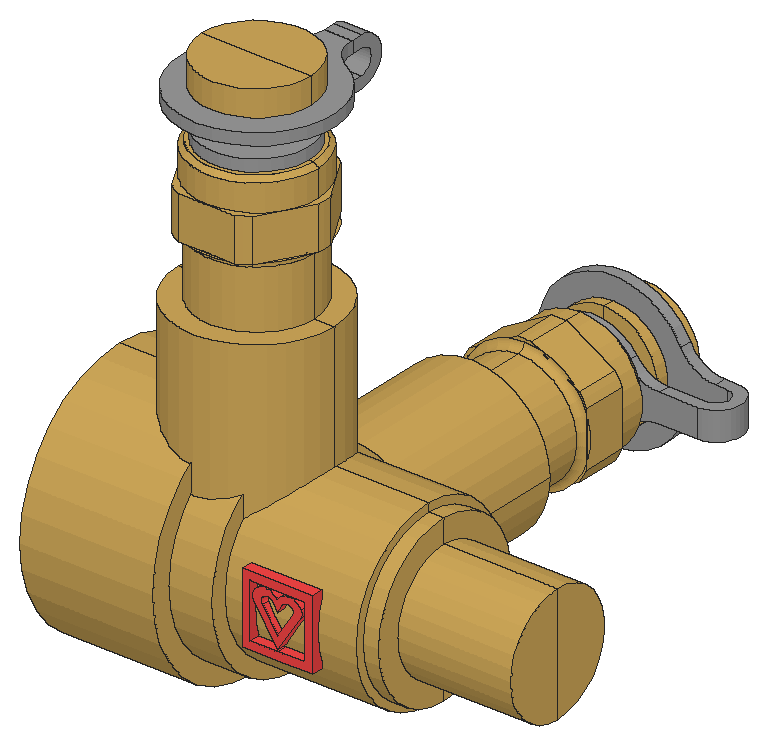
Revit family "HERZ Metering Station 4000", category Rohrzubehör, Revit 2021
Family settings
  Bemaßung runder Anschluss = Durchmesser verwenden
  Teiletyp = Unterbricht
  OmniClass-Nummer = 23.65.55.14
  OmniClass-Titel = Valves for Liquid Services
  Arbeitsebenenbasiert = Nein
  Immer vertikal = Ja
  Beim Laden mit Abzugskörper schneiden = Nein
  Gemeinsam genutzt = Nein
Parameters
  kvs-value [instance] = if(Nennweite = 15.00 mm, 2.2, if(Nennweite = 20.00 mm, 4.25, if(Nennweite = 25.00 mm, 8.6, if(Nennweite = 32.00 mm, 15.9, if(Nennweite = 40.00 mm, 23.7, if(Nennweite = 50.00 mm, 48, 0))))))  # 2.2
  Vorgabe-Ansicht = 0.00 mm
  URL = "www.herzvalves.com"
  SCRNSEQ = "AWI;AWI_TYP=\"1001\";02"
  SCRNCODE = "02;01;02"  # constant formula
  S03 = 10.00 mm  # constant formula
  S02 [instance] = S01 - 10.00 mm  # 17.50 mm
  S01 [instance] = H01  # 27.50 mm
  R01 [instance] = size_lookup("4000_", "R1", 1.00 mm, Nennweite)  # 10.00 mm
  Part number [instance] = size_lookup("4000_", "Artnr", 0, Nennweite)  # 1400001
  Nennweite [instance] = 15.00 mm
  Test point = "brass, CW602N"  # constant formula
  Model = "The metering station made of DZR brass has two measuring valves.\r\nAccording to EN 10226, the inlet has an internal thread Rp and the outlet an external thread R."
  Min. operating temperature = -20 °C  # constant formula
  Medium = "Water purity in accordance with the OeNORM H5195 and VDI 2035 standards.\r\nEthylene and propylene glycol can be mixed to a ratio of 25 - 50 vol. %."
  Max. operating pressure = 2000000.0 Pa  # constant formula
  Max. operating temperature (until DN32) = 130 °C  # constant formula
  Max. operating temperature (from DN40) = 110 °C  # constant formula
  LO01 [instance] = if(Nennweite = 15.00 mm, 30.00 mm, if(Nennweite = 20.00 mm, 32.00 mm, if(Nennweite = 25.00 mm, 37.00 mm, if(Nennweite = 32.00 mm, 42.00 mm, if(Nennweite = 40.00 mm, 42.00 mm, if(Nennweite = 50.00 mm, 45.00 mm, 0.00 mm))))))  # 30.00 mm
  L05 [instance] = size_lookup("4000_", "L5", 1.00 mm, Nennweite)  # 23.00 mm
  L04 [instance] = size_lookup("4000_", "L4", 1.00 mm, Nennweite)  # 16.50 mm
  L03 [instance] = size_lookup("4000_", "L3", 1.00 mm, Nennweite)  # 22.60 mm
  L02 [instance] = size_lookup("4000_", "L2", 1.00 mm, Nennweite)  # 17.00 mm
  L01 [instance] = size_lookup("4000_", "L1", 1.00 mm, Nennweite)  # 17.50 mm
  L00 [instance] = size_lookup("4000_", "L", 1.00 mm, Nennweite)  # 56.00 mm
  IG [instance] = Nennweite / 2  # 7.50 mm
  Hersteller = "HERZ Armaturen Ges.m.b.H."  # constant formula
  H01 [instance] = size_lookup("4000_", "H1", 1.00 mm, Nennweite)  # 27.50 mm
  GT1 [instance] = size_lookup("4000_", "GT1", 1.00 mm, Nennweite)  # 14.50 mm
  GT [instance] = size_lookup("4000_", "GT", 1.00 mm, Nennweite)  # 13.00 mm
  D04 [instance] = D03 - 1.00 mm  # 10.50 mm
  D03 [instance] = size_lookup("4000_", "D3", 1.00 mm, Nennweite)  # 11.50 mm
  D02 [instance] = size_lookup("4000_", "D2", 1.00 mm, Nennweite)  # 13.50 mm
  D01 [instance] = size_lookup("4000_", "D1", 1.00 mm, Nennweite)  # 16.00 mm
  Body = "brass, CC770S"  # constant formula
  Application = "HERZ metering stations are installed in the circuit of water heating and cooling systems and enable the hydraulic balancing of the circuits with one another.\r\nThe metering stations can be used in the supply line as well as in the return line.\r\nThey are either installed closely connected to a HERZ commissioning valve to form a complete set or used in connection with a HERZ shutoff valve.\r\nThe circuit is adjusted by setting the commissioning valve while measuring the pressure loss on the metering station."
  AG [instance] = Nennweite / 2  # 7.50 mm
Reference planes
  plane 1 "Mitte (Vorne/hinten)": y = 0
  plane 2: z = 0
  plane 3 "Mitte (Links/rechts)": x = 0
Forms (mm)
  Revolve 1, solid, material "Messing, weicher Gelbton, geschweißt", detail levels fine
    sketch origin (0, 0, 0) x (1, 0, 0) y (0, 0, 1)
      loop
        line (-4.5, 0) -> (38.5, 0) -> (38.5, 7.5) -> (24, 7.5) -> (24, 10.5) -> (22, 10.5) -> (22, 11.5) -> (5.1, 11.5) -> (5.1, 13.5) -> (-0.5, 13.5) -> (-0.5, 16) -> (-17.5, 16) -> (-17.5, 7.5) -> (-4.5, 7.5) -> (-4.5, 0)
      axis (-17.5, 0) -> (38.5, 0)
    angle from 0 to 360
  Revolve 2, solid, material "Messing, weicher Gelbton, geschweißt", detail levels fine
    sketch origin (0, 0, 0) x (1, 0, 0) y (0, 0, 1)
      loop
        line (-10, 7.5) -> (0, 7.5) -> (0, 27.5) -> (-10, 27.5) -> (-10, 7.5)
      axis (0, 27.5) -> (0, 7.5)
    angle from 0 to 360
  Revolve 3, solid, material "Messing, weicher Gelbton, geschweißt", detail levels fine
    sketch origin (0, 0, 0) x (1, 0, 0) y (0, 1, 0)
      loop
        line (5.5, 7.5) -> (15.5, 7.5) -> (15.5, 27.5) -> (5.5, 27.5) -> (5.5, 7.5)
      axis (5.5, 27.5) -> (5.5, 7.5)
    angle from 0 to 360
Lines and regions (mm)
  model lines, detail levels coarse+medium
    curve 1: line (-17.5, 0, 0) -> (0.5, 0, 0)
    curve 2: line (10.5, 0, -27.5) -> (10.5, 0, 27.5)
    curve 3: line (20.5, 0, 17.5) -> (20.5, 0, -17.5)
    curve 4: line (20.5, 0, 0) -> (38.5, 0, 0)
    curve 5: line (0.5, 0, 17.5) -> (0.5, 0, -17.5)
    curve 6: line (-17.5, 0, 0) -> (0.5, 0, 0)
    curve 7: line (10.5, 27.5, 0) -> (10.5, -27.5, 0)
    curve 8: line (0.5, 17.5, 0) -> (0.5, -17.5, 0)
    curve 9: line (20.5, 17.5, 0) -> (20.5, -17.5, 0)
    curve 10: line (20.5, 0, 0) -> (38.5, 0, 0)
Dimensions and locks
  "L00": Revolve 1 sketch curve to Revolve 1 sketch curve
  "GT": Revolve 1 sketch curve to Revolve 1 sketch curve
  "L01": plane 3 "Mitte (Links/rechts)" to Revolve 1 sketch curve
  "GT1": Revolve 1 sketch curve to Revolve 1 sketch curve
  "L02": Revolve 1 sketch curve to Revolve 1 sketch curve
  "L03": Revolve 1 sketch curve to Revolve 1 sketch curve
  "L04": Revolve 1 sketch curve to Revolve 1 sketch curve
  "AG": Revolve 1 sketch curve to plane 2
  "IG": Revolve 1 sketch curve to plane 2
  "D01": Revolve 1 sketch curve to plane 2
  "D02": Revolve 1 sketch curve to plane 2
  "D03": Revolve 1 sketch curve to plane 2
  "D04": Revolve 1 sketch curve to plane 2
  "D03": nested 1 to plane 1 "Mitte (Vorne/hinten)"
  "LO01": Revolve 1 to nested 1
  "IG": Revolve 2 sketch curve to plane 2
  "H01": Revolve 2 sketch curve to plane 2
  "R01": plane 3 "Mitte (Links/rechts)" to Revolve 2 sketch curve
  "H01": nested 2 to plane 2
  "IG": plane 1 "Mitte (Vorne/hinten)" to Revolve 3 sketch curve
  "H01": plane 1 "Mitte (Vorne/hinten)" to Revolve 3 sketch curve
  "R01": Revolve 3 sketch curve to Revolve 3 sketch curve
  "L05": Revolve 1 to Revolve 3 sketch curve  (x2)
  "H01": plane 1 "Mitte (Vorne/hinten)" to nested 3
  "L05": Revolve 1 to nested 3
  "L01": Revolve 1 to nested 2
  "S01": curve 2 to curve 4 to curve 2
  "L00": curve 1 to curve 4
  "S02": curve 3 to curve 4 to curve 3
  "S03": curve 2 to curve 3
  "S03": curve 2 to curve 5
  equal spacing: curve 4, curve 2, curve 1
  "S02": curve 5 to curve 1 to curve 5
  "L01": plane 3 "Mitte (Links/rechts)" to curve 1
  "L00": curve 6 to curve 10
  equal spacing: curve 6, curve 7, curve 10
  "S03": curve 8 to curve 7 to curve 9
  "S02": curve 9 to curve 10 to curve 9
  "S02": curve 8 to curve 6 to curve 8
  "S01": curve 7 to curve 10 to curve 7
  "L01": curve 6 to plane 3 "Mitte (Links/rechts)"
  aligned and locked: level to plane 2
Automatic sketch dimensions
  curve 4 to level = 0.00 mm
  curve 1 to level = 0.00 mm
  plane 1 "Mitte (Vorne/hinten)" to curve 10 = 0.00 mm
  plane 1 "Mitte (Vorne/hinten)" to curve 6 = 0.00 mm
  Revolve 1 sketch curve to level = 0.00 mm  (x2)
  Revolve 1 sketch curve to Revolve 1 sketch curve = 1489.03 mm
  Revolve 1 sketch curve to Revolve 1 sketch curve = 1800.648 mm
  Revolve 2 sketch curve to plane 3 "Mitte (Links/rechts)" = 0.00 mm  (x2)
  Revolve 2 sketch curve to level = 366.045 mm
  Revolve 2 sketch curve to Revolve 2 sketch curve = 2186.815 mm
  Revolve 3 sketch curve to Revolve 3 sketch curve = 0.00 mm  (x2)
Nested families
  nested 1: "Herz-Logo-vorne" at (12.5, -11.5, 0) x (0, 1, 0) z (0, 0, 1), type "Herz-Logo-vorne", detail levels fine
  nested 2: "Messstutzen_Band_Eintritt_senkrecht_(oben)" at (0, 0, 18.5), type "Messstutzen_Band_Eintritt_senkrecht_(oben)", detail levels fine
    with Schutzkappe yes, Nennweite 0.00 mm, Gewicht 0.00 kg, Bestellnummer 0
  nested 3: "Messstutzen_Band_Austritt_waagrecht" at (5.5, 18.5, 0) x (0, -1, 0) z (0, 0, 1), type "Messstutzen_Band_Austritt_waagrecht", detail levels fine
    with Schutzkappe yes, Nennweite 0.00 mm, Gewicht 0.00 kg, Bestellnummer 0
Connectors
  piping at (-4.5, 0, 0), diameter 15, driven by "Nennweite"
    settings: on Revolve 1, index 1, connector inside diameter 609.6 mm, connector length 0.00 mm, flow factor 0, pipe flow 0.0 L/s, pressure drop 0.0 Pa, fitting loss kfactor 0, connector angle 0.00°, fixture units 0, engagement length 0.00 mm, angle of deflection 0.00°, flow configuration 0, flow direction 1, fitting loss method 0, system type 29, joint type 0, gender type 0, connector reference index -1, connector utility 0, adjustable connector no, is connector primary yes, connector description ""
  piping at (38.5, 0, 0), diameter 15, driven by "Nennweite"
    settings: on Revolve 1, index 2, connector inside diameter 609.6 mm, connector length 0.00 mm, flow factor 0, pipe flow 0.0 L/s, pressure drop 0.0 Pa, fitting loss kfactor 0, connector angle 0.00°, fixture units 0, engagement length 0.00 mm, angle of deflection 0.00°, flow configuration 0, flow direction 2, fitting loss method 0, system type 29, joint type 0, gender type 0, connector reference index -1, connector utility 0, adjustable connector no, is connector primary no, connector description ""
Definition of nested family "Herz-Logo-vorne"
  Parameters (values of type "Herz-Logo-vorne")
    Default Elevation = 0.00 mm
  Reference planes
    plane 1 "Mitte (Vorne/hinten)": y = 0
    plane 2: z = 0
    plane 3 "Mitte (Links/rechts)": x = 0
  Forms (mm)
    Extrusion 1, solid
      sketch origin (0.732, -0.018, 0.017) x (0, -1, 0) y (0, 0, 1)
        loop
          line (-0.018, -4.517) -> (4.482, -4.517) -> (4.482, 4.483) -> (-4.518, 4.483) -> (-4.518, -4.517) -> (-0.018, -4.517)
        loop
          line (-0.05, -3.48) -> (3.482, -3.48) -> (3.482, 3.483) -> (-3.518, 3.483) -> (-3.518, -3.48) -> (-0.05, -3.48)
        loop
          arc (-0.018, 2.383) -> (-1.543, 3.287) -> (-3.067, 2.383) r 1.738
          arc (-3.067, 2.383) -> (-3.191, 1.899) -> (-3.067, 1.415) r 1.009
          line (-3.067, 1.415) -> (-0.018, -3.281) -> (3.032, 1.415)
          arc (3.032, 1.415) -> (3.156, 1.899) -> (3.032, 2.383) r 1.009
          arc (3.032, 2.383) -> (1.507, 3.287) -> (-0.018, 2.383) r 1.738
        loop
          arc (1.885, 1.272) -> (2.005, 1.675) -> (1.885, 2.079) r 0.74
          arc (1.885, 2.079) -> (1.265, 2.416) -> (0.644, 2.079) r 0.74
          line (0.644, 2.079) -> (-0.018, 0.97) -> (-0.679, 2.079)
          arc (-0.679, 2.079) -> (-1.3, 2.416) -> (-1.921, 2.079) r 0.74
          arc (-1.921, 2.079) -> (-2.04, 1.675) -> (-1.921, 1.272) r 0.74
          line (-1.921, 1.272) -> (-0.018, -1.658) -> (1.885, 1.272)
      from 0 to 1.5
  Dimensions and locks
    aligned and locked: level to plane 2
Definition of nested family "Messstutzen_Band_Eintritt_senkrecht_(oben)"
  Parameters (values of type "Messstutzen_Band_Eintritt_senkrecht_(oben)")
    Default Elevation = 0.00 mm
    URL = "www.herz-armaturen.at"
    Schutzkappe [instance] = yes
    Nennweite [instance] = 0.00 mm
    Manufacturer = "Herz Armaturen GmbH"  # constant formula
    Gewicht [instance] = 0.00 kg
    Bestellnummer [instance] = 0
  Reference planes
    plane 1 "Mitte (Vorne/hinten)": y = 0
    plane 2: z = 0
    plane 3 "Mitte (Links/rechts)": x = 0
    plane 4 "Schlaufe 1": z = -27
    plane 5 "Schlaufe 2": z = -31.678
  Forms (mm)
    Revolve 1, solid, detail levels fine
      sketch origin (0, 0, 0) x (1, 0, 0) y (0, 0, 1)
        loop
          line (-7.4, 9) -> (-5.55, 9) -> (-5.55, 6)
          arc (-5.55, 6) -> (-5.626, 5.617) -> (-5.843, 5.293) r 1
          line (-5.843, 5.293) -> (-6.455, 4.681) -> (-6.455, 0.9) -> (-5.555, 0) -> (-2, 0) -> (-2, 17.5) -> (-8.4, 17.5)
          arc (-8.4, 17.5) -> (-7.693, 17.207) -> (-7.4, 16.5) r 1
          line (-7.4, 16.5) -> (-7.4, 9)
        loop
          line (-3.7, 27) -> (-7.3, 27) -> (-7.9, 26.4) -> (-7.9, 23) -> (-2, 23) -> (-2, 35.8) -> (-3.805, 35.8) -> (-4.415, 35.19) -> (-4.415, 30.863) -> (-3.7, 30.45) -> (-3.7, 27)
        axis (0, 0) -> (0, 35.8)
      angle from 0 to 360
    Extrusion 2, solid, detail levels fine
      sketch origin (0, 0, 17.5) x (0, 1, 0) y (-1, 0, 0)
        loop
          arc (-7.07, 5.156) -> (-7.578, 4.375) -> (-8, 3.544) r 8.75
          line (-8, 3.544) -> (-8, -3.544)
          arc (-8, -3.544) -> (-7.578, -4.375) -> (-7.07, -5.156) r 8.75
          line (-7.07, -5.156) -> (-0.93, -8.7)
          arc (-0.93, -8.7) -> (0, -8.75) -> (0.93, -8.7) r 8.75
          line (0.93, -8.7) -> (7.07, -5.156)
          arc (7.07, -5.156) -> (7.578, -4.375) -> (8, -3.544) r 8.75
          line (8, -3.544) -> (8, 3.544)
          arc (8, 3.544) -> (7.578, 4.375) -> (7.07, 5.156) r 8.75
          line (7.07, 5.156) -> (0.93, 8.7)
          arc (0.93, 8.7) -> (0, 8.75) -> (-0.93, 8.7) r 8.75
          line (-0.93, 8.7) -> (-7.07, 5.156)
      from 0 to 5.5
    Revolve 3, solid, visible <- "Schutzkappe", detail levels fine
      sketch origin (0, 0, 0) x (1, 0, 0) y (0, 0, 1)
        loop
          line (0, 35.878) -> (0, 36.678) -> (-7, 36.678) -> (-7, 33.378) -> (-6.1, 33.378) -> (-6.1, 31.678) -> (-6.9, 31.678) -> (-6.9, 30.178) -> (-4.415, 30.178) -> (-4.415, 35.268) -> (-3.805, 35.878) -> (0, 35.878)
        axis (0, 30.178) -> (0, 36.678)
      angle from 0 to 360
    Extrusion 4, solid, detail levels fine
      sketch origin (0, 0, 28.5) x (1, 0, 0) y (0, 1, 0)
        loop
          circle (0, 0) r 3.7
        loop
          arc (-3.906, 5.505) -> (0, -6.75) -> (3.906, 5.505) r 6.75
          arc (3.906, 5.505) -> (2.358, 7.288) -> (1.8, 9.582) r 5
          line (1.8, 9.582) -> (-1.8, 9.582)
          arc (-1.8, 9.582) -> (-2.358, 7.288) -> (-3.906, 5.505) r 5
      from 0 to -1.5
    Extrusion 5, solid, detail levels fine
      sketch origin (0, 0, 33.178) x (1, 0, 0) y (0, 1, 0)
        loop
          circle (0, 0) r 6.1
        loop
          arc (-4.495, 8.652) -> (0, -9.75) -> (4.495, 8.652) r 9.75
          arc (4.495, 8.652) -> (2.527, 10.493) -> (1.8, 13.089) r 5
          line (1.8, 13.089) -> (-1.8, 13.089)
          arc (-1.8, 13.089) -> (-2.527, 10.493) -> (-4.495, 8.652) r 5
      from 0 to -1.5
    Sweep 6, solid, detail levels fine
      path origin (0, 0, 0) x (0, 0, -1) y (0, -1, 0)
        loop
          line (-27.75, -9.582) -> (-27.75, -14.522)
          arc (-27.75, -14.522) -> (-30.089, -16.862) -> (-32.428, -14.522) r 2.339
          line (-32.428, -14.522) -> (-32.428, -13.089)
      profile origin (0, 12.052, 27.75) x (0, 0, 1) y (1, 0, 0)
        loop
          line (-0.75, -1.8) -> (0.75, -1.8) -> (0.75, 1.8) -> (-0.75, 1.8) -> (-0.75, -1.8)
  Dimensions and locks
    aligned and locked: level to plane 2
Definition of nested family "Messstutzen_Band_Austritt_waagrecht"
  Parameters (values of type "Messstutzen_Band_Austritt_waagrecht")
    Default Elevation = 0.00 mm
    URL = "www.herz-armaturen.at"
    Schutzkappe [instance] = yes
    Nennweite [instance] = 0.00 mm
    Manufacturer = "Herz Armaturen GmbH"  # constant formula
    Gewicht [instance] = 0.00 kg
    Bestellnummer [instance] = 0
  Reference planes
    plane 1 "Mitte (Vorne/hinten)": y = 0
    plane 2: z = 0
    plane 3 "Mitte (Links/rechts)": x = 0
  Forms (mm)
    Revolve 1, solid, detail levels fine
      sketch origin (0, 0, 0) x (0, 0, -1) y (1, 0, 0)
        loop
          line (-7.4, -9) -> (-7.4, -16.5)
          arc (-7.4, -16.5) -> (-7.693, -17.207) -> (-8.4, -17.5) r 1
          line (-8.4, -17.5) -> (-2, -17.5) -> (-2, 0) -> (-5.555, 0) -> (-6.455, -0.9) -> (-6.455, -4.681) -> (-5.843, -5.293)
          arc (-5.843, -5.293) -> (-5.626, -5.617) -> (-5.55, -6) r 1
          line (-5.55, -6) -> (-5.55, -9) -> (-7.4, -9)
        loop
          line (-3.7, -27) -> (-3.7, -30.45) -> (-4.415, -30.863) -> (-4.415, -35.19) -> (-3.805, -35.8) -> (-2, -35.8) -> (-2, -23) -> (-7.9, -23) -> (-7.9, -26.4) -> (-7.3, -27) -> (-3.7, -27)
        axis (0, 0) -> (0, -35.8)
      angle from 0 to 360
    Extrusion 2, solid, detail levels fine
      sketch origin (-17.5, 0, 0) x (0, 0, 1) y (0, 1, 0)
        loop
          line (5.156, -7.07) -> (8.7, -0.93)
          arc (8.7, -0.93) -> (8.75, 0) -> (8.7, 0.93) r 8.75
          line (8.7, 0.93) -> (5.156, 7.07)
          arc (5.156, 7.07) -> (4.375, 7.578) -> (3.544, 8) r 8.75
          line (3.544, 8) -> (-3.544, 8)
          arc (-3.544, 8) -> (-4.375, 7.578) -> (-5.156, 7.07) r 8.75
          line (-5.156, 7.07) -> (-8.7, 0.93)
          arc (-8.7, 0.93) -> (-8.75, 0) -> (-8.7, -0.93) r 8.75
          line (-8.7, -0.93) -> (-5.156, -7.07)
          arc (-5.156, -7.07) -> (-4.375, -7.578) -> (-3.544, -8) r 8.75
          line (-3.544, -8) -> (3.544, -8)
          arc (3.544, -8) -> (4.375, -7.578) -> (5.156, -7.07) r 8.75
      from 0 to 5.5
    Revolve 3, solid, visible <- "Schutzkappe", detail levels fine
      sketch origin (0, 0, 0) x (0, 0, -1) y (1, 0, 0)
        loop
          line (0, -35.878) -> (-3.805, -35.878) -> (-4.415, -35.268) -> (-4.415, -30.178) -> (-6.9, -30.178) -> (-6.9, -31.678) -> (-6.1, -31.678) -> (-6.1, -33.378) -> (-7, -33.378) -> (-7, -36.678) -> (0, -36.678) -> (0, -35.878)
        axis (0, -30.178) -> (0, -36.678)
      angle from 0 to 360
    Extrusion 4, solid, detail levels fine
      sketch origin (-27, 0, 0) x (0, 1, 0) y (0, 0, 1)
        loop
          circle (0, 0) r 3.7
        loop
          arc (5.505, 3.906) -> (-6.75, 0) -> (5.505, -3.906) r 6.75
          arc (5.505, -3.906) -> (7.288, -2.358) -> (9.582, -1.8) r 5
          line (9.582, -1.8) -> (9.582, 1.8)
          arc (9.582, 1.8) -> (7.288, 2.358) -> (5.505, 3.906) r 5
      from 0 to -1.5
    Extrusion 5, solid, detail levels fine
      sketch origin (-31.678, 0, 0) x (0, 1, 0) y (0, 0, 1)
        loop
          circle (0, 0) r 6.1
        loop
          arc (8.652, 4.495) -> (-9.75, 0) -> (8.652, -4.495) r 9.75
          arc (8.652, -4.495) -> (10.493, -2.527) -> (13.089, -1.8) r 5
          line (13.089, -1.8) -> (13.089, 1.8)
          arc (13.089, 1.8) -> (10.493, 2.527) -> (8.652, 4.495) r 5
      from 0 to -1.5
    Sweep 6, solid, detail levels fine
      path origin (0, 0, 0) x (0, -1, 0) y (1, 0, 0)
        loop
          line (-9.582, -27.75) -> (-14.522, -27.75)
          arc (-14.522, -27.75) -> (-16.862, -30.089) -> (-14.522, -32.428) r 2.339
          line (-14.522, -32.428) -> (-13.089, -32.428)
      profile origin (-27.75, 12.052, 0) x (-1, 0, 0) y (0, 0, 1)
        loop
          line (-0.75, 1.8) -> (-0.75, -1.8) -> (0.75, -1.8) -> (0.75, 1.8) -> (-0.75, 1.8)
  Cuts and joins
    joined: Extrusion 4, Extrusion 5, Sweep 6
  Dimensions and locks
    aligned and locked: level to plane 2
